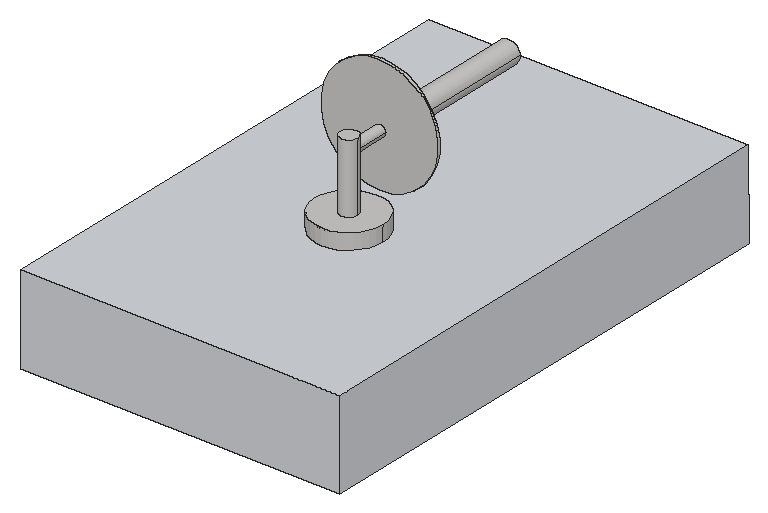
Revit family
Parameters (values of type "as Specified")
  Warranty Duration (Years) = 0
  Unit Width = 0' - 1 15/16"
  Unit Height = 0' - 1 15/16"
  Unit Depth = 0' - 2 3/8"
  URL = "http://www.americanspecialties.com/viewCategories.cfm"
  Mounting Height [instance] = 3' - 0"
  Fixture Material [instance] = Metal - Stainless Steel
  Test Data = ""
  Specification = "http://www.arcat.com/sdspecs/htm/10810asi.htm"
  SpecWizard = ""
  Send Message = "http://www.arcat.com/users.pl?action=UserEmail&company=American%20Specialties,%20Inc.&coid=30448&rep=139&fax=914-476-0688&mf="
  Sales Information = "http://www.americanspecialties.com/contact"
  Revision = "R1_2014-10"
  Product Properties = "http://www.americanspecialties.com/datasheets/7316.pdf"
  Product Data = "http://www.arcat.com/arcatcos/cos30/arc30448.html"
  Model = "7316"
  Manufacturer Website = "http://www.americanspecialties.com/viewCategories.cfm"
  Manufacturer Phone - Toll Free = ""
  Manufacturer Phone = "914-476-9000 "
  Manufacturer Fax = "914-476-0688"
  Manufacturer Address = "441 Saw Mill River Rd., Yonkers, NY 10701"
  Manufacturer = "American Specialties, Inc."
  Maintenance Schedule (Months) = 0
  Keynote = "10 28 13"
  Installation-Fabrication = "http://www.americanspecialties.com/products.cfm"
  Green Building-LEED = ""
  Expected Lifespan (Years) = 0
  Drawn By = "Sumex Design, Inc. / Robert S. Weygant. CSI, CDT, SCIP"
  Description = "ASI Single Spare Toilet Paper Roll Holder - Omara Collection 7316"
  Default Elevation = 0' - 0"
  Copyright = "©Arcat Inc."
  Construction Details = "http://www.arcat.com/green/clients/leed_data_30448.html"
  Building Codes = "http://www.americanspecialties.com/products.cfm"
  Assembly Code = "C1030210"
Reference planes (in)
  plane 1 "Floor Line": z = 0
  plane 2 "Center (Left/Right)": x = 14.06032
  plane 3: x = 13.09157
  plane 4: x = 15.02907
  plane 5 "FF": y = -56.93904
  plane 6: y = -26.59529
  plane 7: z = 2
  plane 8: z = 2.375
  plane 9 "ADA Mount Line": y = -20.93904
  plane 10: y = -25.50154
Forms (in)
  Extrusion 1, solid
    sketch origin (-2.65843, -11.79112, -6) x (0, 0, -1) y (1, 0, 0)
      loop
        line (-3.50656, 21.25433) -> (-6, 21.25433) -> (-6, 12.21875) -> (-3.50656, 12.21875) -> (-3.50656, 21.25433)
    from 20.80417 to 6.34415
  Extrusion 2, solid, material "Metal - Stainless Steel" <- "Fixture Material"
    sketch origin (-8.03125, -0.125, 0) x (1, 0, 0) y (0, 1, 0)
      loop
        circle (22.09157, -26.47029) r 0.96875
    from 0 to 0.4375
  Extrusion 3, solid, material "Metal - Stainless Steel" <- "Fixture Material"
    sketch origin (-8.03125, -3.4375, 0) x (1, 0, 0) y (0, 1, 0)
      loop
        circle (22.09157, -23.15779) r 0.25
    from 0 to 2.375
  Extrusion 4, solid, material "Metal - Stainless Steel" <- "Fixture Material"
    sketch origin (0, -16.53279, 0) x (1, 0, 0) y (0, 0, 1)
      loop
        circle (14.06032, 2) r 0.15625
    from 8.96875 to 10.0625
  Extrusion 5, solid, material "Metal - Stainless Steel" <- "Fixture Material"
    sketch origin (0, -25.50154, -1) x (0, 0, -1) y (1, 0, 0)
      loop
        circle (-3.15625, 14.06032) r 1.65625
    from 0 to -0.0625
  Extrusion 6, solid, material "Metal - Stainless Steel" <- "Fixture Material"
    sketch origin (0, -16.53279, 0) x (1, 0, 0) y (0, 0, 1)
      loop
        circle (14.06032, 2) r 0.3125
    from 4.40625 to 8.96875
Cuts and joins
  joined: Extrusion 2, Extrusion 3, Extrusion 4, Extrusion 5, Extrusion 6
Dimensions and locks (in)
  "Mounting Height": plane 5 "FF" to plane 9 "ADA Mount Line"
  equal spacing: plane 3, plane 2 "Center (Left/Right)", plane 4
  plane 3 to plane 4 = 0' - 1 15/16"
  locked: plane 7 to level at 2
  locked: plane 8 to level at 2.375
  locked: plane 6 to Extrusion 3 sketch curve at 0
  locked: plane 6 to Extrusion 2 sketch curve at 0
  plane 9 "ADA Mount Line" to plane 6 = 0' - 5 21/32"
  locked: plane 7 to Extrusion 4 sketch curve at 0
  locked: plane 10 to plane 9 "ADA Mount Line" at 4.5625
  aligned: plane 7 to Extrusion 3
  aligned and locked: plane 8 to Extrusion 3
  aligned and locked: plane 6 to Extrusion 4
  aligned: Extrusion 4 to plane 9 "ADA Mount Line"
  aligned and locked: cut or joined group of Extrusion 2, Extrusion 3, Extrusion 4, Extrusion 5, Extrusion 6 to plane 10
  aligned and locked: Extrusion 6 to plane 9 "ADA Mount Line"
  aligned and locked: plane 10 to Extrusion 6
Automatic sketch dimensions
  Extrusion 1 sketch curve to Extrusion 1 sketch curve = 0' - 2.49344"
  Extrusion 1 sketch curve to Extrusion 1 sketch curve = 0' - 9.03558"
  plane 3 to Extrusion 2 sketch curve = 0' - 0 31/32"
  plane 3 to Extrusion 3 sketch curve = 0' - 0 31/32"
  Extrusion 4 sketch curve to plane 2 "Center (Left/Right)" = 0' - 0"
  Extrusion 5 sketch curve to plane 2 "Center (Left/Right)" = 0' - 0"
  Extrusion 5 sketch curve to plane 8 = 0' - 0 7/32"
  Extrusion 6 sketch curve to plane 2 "Center (Left/Right)" = 0' - 0"
  Extrusion 6 sketch curve to plane 7 = 0' - 0"
  radius of Extrusion 2 sketch curve = 0' - 0 31/32"
  radius of Extrusion 3 sketch curve = 0' - 0 1/4"
  radius of Extrusion 4 sketch curve = 0' - 0 5/32"
  radius of Extrusion 5 sketch curve = 0' - 1 21/32"
  radius of Extrusion 6 sketch curve = 0' - 0 5/16"
